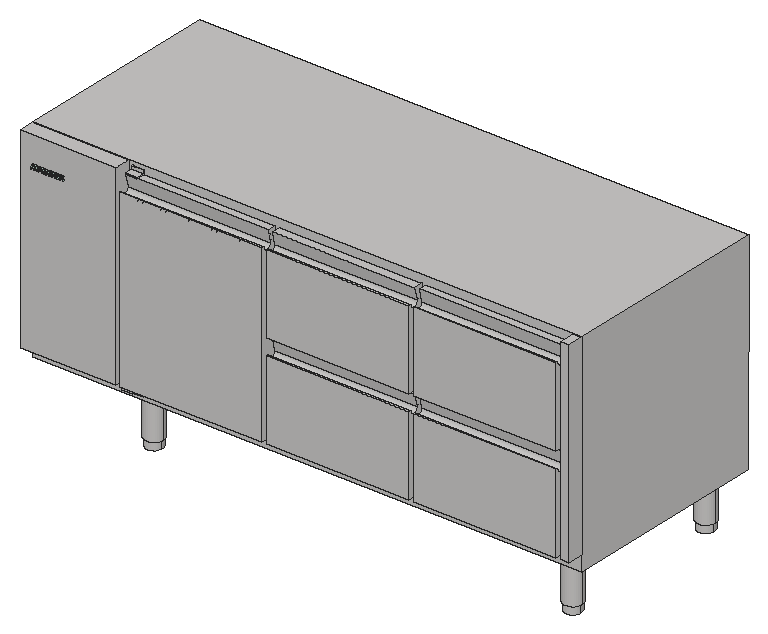
Revit family "QF_ALPENINOX_721141_AA3R7ABB", category Attrezzature speciali, Revit 2018
Family settings
  Quota connettore circolare = Usa diametro
  Tipo di parte = Normale
  Basato su piano di lavoro = No
  Sempre verticale = Sì
  Taglio con vuoti quando caricato = No
  Condiviso = No
  Punto di calcolo locali = No
Parameters (values of type "Standard")
  Weight = 114.00 kg
  Watts = 220 W
  Volts = 220 V
  URL Manufacturer = "http://www.alpeninox.com"
  URL = "http://www.alpeninox.com"
  Steam Supply Size = 0 mm
  Steam Supply Minimum Pressure = 0.0 Pa
  Steam Supply Maximum Pressure = 0.0 Pa
  Steam Consumption per Hour = 0
  Refrigeration Suction Line Size = 0 mm
  Refrigeration Liquid Line Size = 0 mm
  Refrigerant Compressor Remote = yes
  Produttore = "Alpeninox"
  Phase = 1
  Modello = "AA3R7ABB"
  Length Actual = 1695 mm  # constant formula
  Item Number = "721141"
  Hot Water Size = 0 mm
  Height Actual = 800 mm  # constant formula
  HP = "0.3 HP"
  Gas Size = 0 mm
  Gas KW = 0
  Gas Input Pressure = 0 W
  Direct Waste Size = 0 mm
  Descrizione = "1-DOOR AND 4X1/2-DRAWER REFRIGERATED COUNTER, -2+10°C, FULL AISI 304 (R290), WITHOUT WORK TOP"
  Depth Actual = 700 mm  # constant formula
  Cycle = 50 Hz
  Condensate Return Size = 0 mm
  Compressed Air Volume = 0.0 L/s
  Compressed Air Size = 0 mm
  Compressed Air Pressure = 0.0 Pa
  Cold Water Size = 0 mm
  Accessory = yes
Values of the unnamed type that differ from the named types
  Weight = 0.00 kg
  Watts = 0 W
  Volts = 0 V
  URL Manufacturer = ""
  Item Number = ""
  HP = ""
  Cycle = 0 Hz
Reference planes
  plane 1: z = 0
  plane 2 "Center (Left/Right)": x = -126.5
  plane 3 "Center (Front/Back)": y = 64.5
  plane 4 "FEET": z = 150
  plane 5 "TOP": z = 850
  plane 6 "PLAIN": z = 800
  plane 7 "EI_back": y = 103
  plane 8 "EI_left": x = -913
  plane 9 "BACK": y = 412
  plane 10 "FRONT": y = -283
  plane 11 "DOOR": y = -233
  plane 12 "LEFT": x = -974
  plane 13 "RIGHT": x = 721
  plane 14: x = -949
  plane 15: x = 696
Forms (mm)
  Extrusion 1, solid, material "QF_Finishes_Stainless Steel"
    sketch origin (-1022.223, -1524, 150) x (-1, 0, 0) y (0, -1, 0)
      loop
        circle (-109.223, -1627) r 5
    from 0 to -40
  Extrusion 2, solid, material "QF_Finishes_Stainless Steel"
    sketch origin (-1022.223, -1524, 150) x (-1, 0, 0) y (0, -1, 0)
      loop
        line (-1718.223, -1291) -> (-1718.223, -1241) -> (-1743.223, -1241) -> (-1743.223, -1291) -> (-1718.223, -1291)
    from 48 to 650
  Extrusion 3, solid, material "QF_Finishes_Stainless Steel"
    sketch origin (-1022.223, -1524, 150) x (-1, 0, 0) y (0, -1, 0)
      loop
        line (-48.223, -1936) -> (-48.223, -1291) -> (-1743.223, -1291) -> (-1743.223, -1936) -> (-48.223, -1936)
    from 0 to 650
Lines and regions (mm)
  symbolic lines, style "SpecialityEquipmentHiddenLines"
    curve 1: line (-974, 412, 150) -> (721, 412, 150)
    curve 2: line (-974, -283, 150) -> (-974, 412, 150)
    curve 3: line (721, -283, 150) -> (-974, -283, 150)
    curve 4: line (721, 412, 150) -> (721, -283, 150)
    curve 5: line (-974, -233, 150) -> (721, -233, 150)
    curve 6: line (696, -283, 150) -> (696, -233, 150)
Dimensions and locks
  plane 4 "FEET" to level = 150 mm
  plane 11 "DOOR" to plane 10 "FRONT" = 50 mm
  plane 6 "PLAIN" to plane 4 "FEET" = 650 mm
  plane 5 "TOP" to plane 6 "PLAIN" = 50 mm
  plane 12 "LEFT" to plane 14 = 25 mm
  plane 15 to plane 13 "RIGHT" = 25 mm
  plane 9 "BACK" to plane 7 "EI_back" = 309 mm
  plane 12 "LEFT" to plane 8 "EI_left" = 61 mm
  plane 12 "LEFT" to plane 13 "RIGHT" = 1695 mm
  equal spacing: plane 12 "LEFT", plane 2 "Center (Left/Right)", plane 13 "RIGHT"
  plane 9 "BACK" to plane 10 "FRONT" = 695 mm
  equal spacing: plane 9 "BACK", plane 3 "Center (Front/Back)", plane 10 "FRONT"
  aligned and locked: level to plane 1
Automatic sketch dimensions
  Extrusion 1 sketch curve to plane 7 "EI_back" = 0 mm
  Extrusion 1 sketch curve to plane 8 "EI_left" = 0 mm
  Extrusion 2 sketch curve to plane 11 "DOOR" = 0 mm
  Extrusion 2 sketch curve to plane 13 "RIGHT" = 0 mm
  Extrusion 2 sketch curve to plane 10 "FRONT" = 0 mm
  Extrusion 2 sketch curve to plane 15 = 0 mm
  Extrusion 3 sketch curve to plane 9 "BACK" = 0 mm
  Extrusion 3 sketch curve to plane 13 "RIGHT" = 0 mm
  Extrusion 3 sketch curve to plane 11 "DOOR" = 0 mm
  Extrusion 3 sketch curve to plane 12 "LEFT" = 0 mm
  curve 1 to plane 13 "RIGHT" = 0 mm
  curve 6 to plane 10 "FRONT" = 0 mm
  curve 6 to plane 15 = 0 mm
  curve 5 to plane 12 "LEFT" = 0 mm
  curve 6 to plane 11 "DOOR" = 0 mm
  curve 1 to plane 9 "BACK" = 0 mm
  radius of Extrusion 1 sketch curve = 5 mm
Nested families
  nested 1: "HP_Refrigerator" at (721, -283, 0), type "HP_Refrigerator"
  nested 2: "HP_FEET" at (-640, 331, 0), type "HP_FEET"
  nested 3: "HP_FEET" at (655, 331, 0), type "HP_FEET"
  nested 4: "HP_FEET" at (-640, -183, 0), type "HP_FEET"
  nested 5: "HP_FEET" at (655, -183, 0), type "HP_FEET"
  nested 6: "HP_APX_BI_TN_L" at (-767.08, -233, 548) x (1, 0, 0) z (0, -1, 0), type "HP_APX_BI_TN_L"
    with Show Logo yes
  nested 7: "HP_APX_SD_L" at (-446, -233, 458.88) x (1, 0, 0) z (0, -1, 0), type "HP_APX_SD_L"
    with Show Clearance yes
  nested 8: "HP_APX_HALF" at (8, -233, 458.08) x (1, 0, 0) z (0, -1, 0), type "HP_APX_HALF"
    with Show Clearance yes
  nested 9: "HP_APX_HALF" at (462, -233, 458.08) x (1, 0, 0) z (0, -1, 0), type "HP_APX_HALF"
    with Show Clearance yes
Connectors
  electrical at (-913, 103, 110), driven by "Volts"
    settings: on Extrusion 1, index 1, voltage 220 V, apparent load 0 VA, apparent load phase1 0 VA, apparent load phase2 0 VA, apparent load phase3 0 VA, power factor 1, load classification "Other", number of poles 1, system type 31, power factor state 1, is connector primary yes, connector utility no, sub classification motor no, connector description "Electrical Connection"
Definition of nested family "HP_FEET"
  Parameters
    FEET = 150 mm
  Reference planes
    plane 1 "Center (Front/Back)": y = 0
    plane 2: z = 0
    plane 3 "Center (Left/Right)": x = 0
    plane 4: z = 150
  Forms (mm)
    Revolve 1, solid
      sketch origin (255.05, 0, 608.09) x (0, 0, 1) y (-1, 0, 0)
        loop
          line (-608.09, 255.05) -> (-608.09, 230.05) -> (-583.09, 230.05) -> (-583.09, 226.05) -> (-458.09, 226.05) -> (-458.09, 255.05) -> (-608.09, 255.05)
        axis (-608.09, 255.05) -> (-458.09, 255.05)
      angle from 0 to 360
  Dimensions and locks
    locked: Revolve 1 sketch curve to Revolve 1 sketch curve at 125
    "FEET": plane 4 to plane 2
    aligned and locked: level to plane 2
    aligned and locked: plane 4 to Revolve 1 sketch curve
    aligned and locked: Revolve 1 sketch curve to level
    aligned and locked: plane 3 "Center (Left/Right)" to Revolve 1 sketch curve
  Automatic sketch dimensions
    Revolve 1 sketch curve to plane 3 "Center (Left/Right)" = 0 mm
    Revolve 1 sketch curve to Revolve 1 sketch curve = 25 mm
    Revolve 1 sketch curve to Revolve 1 sketch curve = 29 mm
    plane 4 to Revolve 1 sketch curve = 50 mm
    Revolve 1 sketch curve to Revolve 1 sketch curve = 20 mm
Definition of nested family "HP_APX_BI_TN_L"
  Parameters
    Show Logo [instance] = yes
    Default Elevation = 1219.2 mm
  Reference planes
    plane 1 "Center (Front/Back)": y = -49
    plane 2: z = 0
    plane 3 "Center (Left/Right)": x = -59.92
    plane 4: x = -206.92
    plane 5: x = 87.08
    plane 6: y = 252
    plane 7: y = -350
  Forms (mm)
    Extrusion 1, solid
      sketch origin (0, 0, 0) x (1, 0, 0) y (0, 1, 0)
        loop
          line (-1219.2, 1219.2) -> (-1219.2, -1219.2) -> (1219.2, -1219.2) -> (1219.2, 1219.2) -> (-1219.2, 1219.2)
      from 0 to -304.8
    Extrusion 2, solid
      sketch origin (0, 0, 0) x (1, 0, 0) y (0, 1, 0)
        loop
          line (-206.92, 252) -> (-206.92, -350) -> (87.08, -350) -> (87.08, 252) -> (-206.92, 252)
      from 0 to 50
    Extrusion 3, solid
      sketch origin (0, 0, 0) x (1, 0, 0) y (0, 1, 0)
        loop
          line (-168.675, 170.349) -> (-172.411, 160.318)
          arc (-172.411, 160.318) -> (-171.624, 158.497) -> (-169.837, 159.36) r 1.374
          line (-169.837, 159.36) -> (-169.268, 161.111) -> (-164.1, 161.111) -> (-163.54, 159.379)
          arc (-163.54, 159.379) -> (-161.802, 158.542) -> (-161.049, 160.318) r 1.333
          line (-161.049, 160.318) -> (-164.694, 170.349)
          arc (-164.694, 170.349) -> (-166.685, 171.876) -> (-168.675, 170.349) r 2.06
        loop
          line (-166.681, 169.055) -> (-168.469, 163.655) -> (-164.935, 163.655) -> (-166.681, 169.055)
        loop
          arc (-159.705, 160.042) -> (-159.262, 158.973) -> (-158.194, 158.531) r 1.512
          line (-158.194, 158.531) -> (-153.608, 158.531)
          arc (-153.608, 158.531) -> (-152.337, 159.802) -> (-153.608, 161.074) r 1.272
          line (-153.608, 161.074) -> (-156.917, 161.074) -> (-156.917, 170.328)
          arc (-156.917, 170.328) -> (-158.311, 171.722) -> (-159.705, 170.328) r 1.394
          line (-159.705, 170.328) -> (-159.705, 160.042)
        loop
          line (-151.076, 170.218) -> (-151.076, 159.859)
          arc (-151.076, 159.859) -> (-149.683, 158.466) -> (-148.29, 159.859) r 1.393
          line (-148.29, 159.859) -> (-148.29, 162.882) -> (-146.225, 162.882)
          arc (-146.225, 162.882) -> (-142.999, 163.859) -> (-141.608, 166.928) r 4.082
          arc (-141.608, 166.928) -> (-142.993, 170.272) -> (-146.336, 171.657) r 4.728
          line (-146.336, 171.657) -> (-149.638, 171.657)
          arc (-149.638, 171.657) -> (-150.655, 171.235) -> (-151.076, 170.218) r 1.439
        loop
          line (-148.29, 165.313) -> (-146.388, 165.313)
          arc (-146.388, 165.313) -> (-144.433, 167.268) -> (-146.388, 169.222) r 1.955
          line (-146.388, 169.222) -> (-148.29, 169.222) -> (-148.29, 165.313)
        loop
          arc (-131.184, 166.332) -> (-132.004, 168.2) -> (-133.767, 169.228) r 3.3
          arc (-133.767, 169.228) -> (-136.353, 168.661) -> (-137.611, 166.332) r 3.176
          line (-137.611, 166.332) -> (-131.184, 166.332)
        loop
          line (-137.538, 163.743) -> (-130.544, 163.743)
          arc (-130.544, 163.743) -> (-129.292, 163.916) -> (-128.301, 164.701) r 2.4
          arc (-128.301, 164.701) -> (-128.155, 165.545) -> (-128.212, 166.399) r 3.635
          arc (-128.212, 166.399) -> (-130.364, 170.162) -> (-134.39, 171.769) r 6.579
          arc (-134.39, 171.769) -> (-138.918, 169.706) -> (-140.661, 165.044) r 6.501
          arc (-140.661, 165.044) -> (-139.276, 160.789) -> (-135.401, 158.549) r 6.252
          arc (-135.401, 158.549) -> (-132.922, 158.526) -> (-130.544, 159.232) r 8.361
          arc (-130.544, 159.232) -> (-129.466, 159.781) -> (-128.641, 160.666) r 3.486
          arc (-128.641, 160.666) -> (-128.419, 161.592) -> (-128.828, 162.451) r 1.425
          arc (-128.828, 162.451) -> (-129.368, 162.762) -> (-129.99, 162.762) r 1.203
          arc (-129.99, 162.762) -> (-130.406, 162.59) -> (-130.764, 162.316) r 1.724
          arc (-130.764, 162.316) -> (-131.666, 161.705) -> (-132.646, 161.229) r 7.6
          arc (-132.646, 161.229) -> (-135.676, 161.35) -> (-137.538, 163.743) r 3.6
        loop
          line (-126.669, 170.328) -> (-126.669, 159.859)
          arc (-126.669, 159.859) -> (-125.273, 158.463) -> (-123.878, 159.859) r 1.396
          line (-123.878, 159.859) -> (-123.878, 166.785) -> (-117.946, 159.029)
          arc (-117.946, 159.029) -> (-116.361, 158.51) -> (-115.379, 159.859) r 1.417
          line (-115.379, 159.859) -> (-115.379, 170.328)
          arc (-115.379, 170.328) -> (-116.774, 171.723) -> (-118.169, 170.328) r 1.395
          line (-118.169, 170.328) -> (-118.169, 163.311) -> (-124.101, 171.157)
          arc (-124.101, 171.157) -> (-125.687, 171.678) -> (-126.669, 170.328) r 1.418
        loop
          arc (-113.636, 159.859) -> (-112.241, 158.464) -> (-110.847, 159.859) r 1.394
          line (-110.847, 159.859) -> (-110.847, 170.328)
          arc (-110.847, 170.328) -> (-112.241, 171.723) -> (-113.636, 170.328) r 1.394
          line (-113.636, 170.328) -> (-113.636, 159.859)
        loop
          line (-109.102, 170.328) -> (-109.102, 159.859)
          arc (-109.102, 159.859) -> (-107.706, 158.463) -> (-106.31, 159.859) r 1.396
          line (-106.31, 159.859) -> (-106.31, 166.785) -> (-100.378, 159.029)
          arc (-100.378, 159.029) -> (-98.793, 158.51) -> (-97.812, 159.859) r 1.417
          line (-97.812, 159.859) -> (-97.812, 170.328)
          arc (-97.812, 170.328) -> (-99.207, 171.723) -> (-100.602, 170.328) r 1.395
          line (-100.602, 170.328) -> (-100.602, 163.311) -> (-106.533, 171.157)
          arc (-106.533, 171.157) -> (-108.119, 171.678) -> (-109.102, 170.328) r 1.418
        loop
          arc (-96.345, 165.093) -> (-95.619, 161.877) -> (-93.467, 159.379) r 6.806
          arc (-93.467, 159.379) -> (-91.792, 158.566) -> (-89.948, 158.31) r 5.956
          arc (-89.948, 158.31) -> (-88.104, 158.566) -> (-86.43, 159.379) r 5.956
          arc (-86.43, 159.379) -> (-84.277, 161.877) -> (-83.551, 165.093) r 6.806
          arc (-83.551, 165.093) -> (-84.277, 168.31) -> (-86.43, 170.808) r 6.806
          arc (-86.43, 170.808) -> (-88.104, 171.621) -> (-89.948, 171.877) r 5.956
          arc (-89.948, 171.877) -> (-91.792, 171.621) -> (-93.467, 170.808) r 5.956
          arc (-93.467, 170.808) -> (-95.619, 168.31) -> (-96.345, 165.093) r 6.806
        loop
          arc (-93.425, 165.093) -> (-93.138, 163.212) -> (-92.081, 161.629) r 4.387
          arc (-92.081, 161.629) -> (-91.087, 161.049) -> (-89.948, 160.881) r 3.035
          arc (-89.948, 160.881) -> (-88.809, 161.049) -> (-87.815, 161.629) r 3.035
          arc (-87.815, 161.629) -> (-86.759, 163.212) -> (-86.472, 165.093) r 4.387
          arc (-86.472, 165.093) -> (-86.759, 166.975) -> (-87.815, 168.558) r 4.387
          arc (-87.815, 168.558) -> (-88.809, 169.138) -> (-89.948, 169.306) r 3.035
          arc (-89.948, 169.306) -> (-91.087, 169.138) -> (-92.081, 168.558) r 3.035
          arc (-92.081, 168.558) -> (-93.138, 166.975) -> (-93.425, 165.093) r 4.387
        loop
          line (-83.139, 169.609) -> (-80.126, 165.552) -> (-83.81, 160.652)
          arc (-83.81, 160.652) -> (-83.512, 158.692) -> (-81.559, 159.029) r 1.388
          line (-81.559, 159.029) -> (-78.51, 163.232) -> (-75.461, 159.029)
          arc (-75.461, 159.029) -> (-73.507, 158.692) -> (-73.21, 160.652) r 1.388
          line (-73.21, 160.652) -> (-76.894, 165.552) -> (-73.881, 169.609)
          arc (-73.881, 169.609) -> (-74.249, 171.597) -> (-76.205, 171.084) r 1.38
          line (-76.205, 171.084) -> (-78.51, 167.841) -> (-80.815, 171.084)
          arc (-80.815, 171.084) -> (-82.771, 171.597) -> (-83.139, 169.609) r 1.38
      from 50 to 51.6
    Extrusion 4, solid, not visible
      sketch origin (0, 0, 0) x (1, 0, 0) y (0, 1, 0)
        loop
          line (-206.92, 252) -> (-206.92, -400) -> (87.08, -400) -> (87.08, 252) -> (-206.92, 252)
      from 0 to 50
  Lines and regions (mm)
    Split face 1
      outline origin (0, 0, 50) x (1, 0, 0) y (0, 1, 0)
        loop
          line (87.08, 183) -> (-172.92, 183)
          arc (-172.92, 183) -> (-190.42, 165.5) -> (-172.92, 148) r 17.5
          line (-172.92, 148) -> (87.08, 148)
    Split face 2
      outline origin (-38, 0, 50) x (1, 0, 0) y (0, 1, 0)
        loop
          line (-5.42, 177) -> (-5.42, 154) -> (64.58, 154) -> (64.58, 177) -> (-5.42, 177)
    Split face 3
      outline origin (-38, 0, 50) x (1, 0, 0) y (0, 1, 0)
        loop
          line (44.58, 174) -> (44.58, 157) -> (61.58, 157) -> (61.58, 174) -> (44.58, 174)
    Split face 4
      outline origin (0, 0, 50) x (1, 0, 0) y (0, 1, 0)
        loop
          line (-206.92, 188) -> (87.08, 188)
    Split face 5
      outline origin (0, 0, 50) x (1, 0, 0) y (0, 1, 0)
        loop
          arc (-163.464, 131.824) -> (-167.464, 127.824) -> (-163.464, 123.824) r 4
          line (-163.464, 123.824) -> (-121.464, 123.824)
          arc (-121.464, 123.824) -> (-117.464, 127.824) -> (-121.464, 131.824) r 4
          line (-121.464, 131.824) -> (-163.464, 131.824)
    Split face 6
      outline origin (330, 0, 50) x (1, 0, 0) y (0, 1, 0)
        loop
          arc (-328.464, 131.824) -> (-332.464, 127.824) -> (-328.464, 123.824) r 4
          line (-328.464, 123.824) -> (-286.464, 123.824)
          arc (-286.464, 123.824) -> (-282.464, 127.824) -> (-286.464, 131.824) r 4
          line (-286.464, 131.824) -> (-328.464, 131.824)
    Split face 7
      outline origin (110, 0, 50) x (1, 0, 0) y (0, 1, 0)
        loop
          arc (-218.464, 131.824) -> (-222.464, 127.824) -> (-218.464, 123.824) r 4
          line (-218.464, 123.824) -> (-176.464, 123.824)
          arc (-176.464, 123.824) -> (-172.464, 127.824) -> (-176.464, 131.824) r 4
          line (-176.464, 131.824) -> (-218.464, 131.824)
    Split face 8
      outline origin (220, 0, 50) x (1, 0, 0) y (0, 1, 0)
        loop
          arc (-273.464, 131.824) -> (-277.464, 127.824) -> (-273.464, 123.824) r 4
          line (-273.464, 123.824) -> (-231.464, 123.824)
          arc (-231.464, 123.824) -> (-227.464, 127.824) -> (-231.464, 131.824) r 4
          line (-231.464, 131.824) -> (-273.464, 131.824)
    Split face 9, not visible
      outline origin (0, 0, 50) x (1, 0, 0) y (0, 1, 0)
        loop
          arc (-163.464, 131.824) -> (-167.464, 127.824) -> (-163.464, 123.824) r 4
          line (-163.464, 123.824) -> (-121.464, 123.824)
          arc (-121.464, 123.824) -> (-117.464, 127.824) -> (-121.464, 131.824) r 4
          line (-121.464, 131.824) -> (-163.464, 131.824)
    Split face 10
      outline origin (0, -24, 50) x (1, 0, 0) y (0, 1, 0)
        loop
          arc (-163.464, 143.824) -> (-167.464, 139.824) -> (-163.464, 135.824) r 4
          line (-163.464, 135.824) -> (-121.464, 135.824)
          arc (-121.464, 135.824) -> (-117.464, 139.824) -> (-121.464, 143.824) r 4
          line (-121.464, 143.824) -> (-163.464, 143.824)
    Split face 11
      outline origin (330, -24, 50) x (1, 0, 0) y (0, 1, 0)
        loop
          arc (-328.464, 143.824) -> (-332.464, 139.824) -> (-328.464, 135.824) r 4
          line (-328.464, 135.824) -> (-286.464, 135.824)
          arc (-286.464, 135.824) -> (-282.464, 139.824) -> (-286.464, 143.824) r 4
          line (-286.464, 143.824) -> (-328.464, 143.824)
    Split face 12
      outline origin (110, -24, 50) x (1, 0, 0) y (0, 1, 0)
        loop
          arc (-218.464, 143.824) -> (-222.464, 139.824) -> (-218.464, 135.824) r 4
          line (-218.464, 135.824) -> (-176.464, 135.824)
          arc (-176.464, 135.824) -> (-172.464, 139.824) -> (-176.464, 143.824) r 4
          line (-176.464, 143.824) -> (-218.464, 143.824)
    Split face 13
      outline origin (220, -24, 50) x (1, 0, 0) y (0, 1, 0)
        loop
          arc (-273.464, 143.824) -> (-277.464, 139.824) -> (-273.464, 135.824) r 4
          line (-273.464, 135.824) -> (-231.464, 135.824)
          arc (-231.464, 135.824) -> (-227.464, 139.824) -> (-231.464, 143.824) r 4
          line (-231.464, 143.824) -> (-273.464, 143.824)
    Split face 14
      outline origin (0, -48, 50) x (1, 0, 0) y (0, 1, 0)
        loop
          arc (-163.464, 155.824) -> (-167.464, 151.824) -> (-163.464, 147.824) r 4
          line (-163.464, 147.824) -> (-121.464, 147.824)
          arc (-121.464, 147.824) -> (-117.464, 151.824) -> (-121.464, 155.824) r 4
          line (-121.464, 155.824) -> (-163.464, 155.824)
    Split face 15
      outline origin (330, -48, 50) x (1, 0, 0) y (0, 1, 0)
        loop
          arc (-328.464, 155.824) -> (-332.464, 151.824) -> (-328.464, 147.824) r 4
          line (-328.464, 147.824) -> (-286.464, 147.824)
          arc (-286.464, 147.824) -> (-282.464, 151.824) -> (-286.464, 155.824) r 4
          line (-286.464, 155.824) -> (-328.464, 155.824)
    Split face 16
      outline origin (110, -48, 50) x (1, 0, 0) y (0, 1, 0)
        loop
          arc (-218.464, 155.824) -> (-222.464, 151.824) -> (-218.464, 147.824) r 4
          line (-218.464, 147.824) -> (-176.464, 147.824)
          arc (-176.464, 147.824) -> (-172.464, 151.824) -> (-176.464, 155.824) r 4
          line (-176.464, 155.824) -> (-218.464, 155.824)
    Split face 17
      outline origin (220, -48, 50) x (1, 0, 0) y (0, 1, 0)
        loop
          arc (-273.464, 155.824) -> (-277.464, 151.824) -> (-273.464, 147.824) r 4
          line (-273.464, 147.824) -> (-231.464, 147.824)
          arc (-231.464, 147.824) -> (-227.464, 151.824) -> (-231.464, 155.824) r 4
          line (-231.464, 155.824) -> (-273.464, 155.824)
    Split face 18
      outline origin (0, -72, 50) x (1, 0, 0) y (0, 1, 0)
        loop
          arc (-163.464, 167.824) -> (-167.464, 163.824) -> (-163.464, 159.824) r 4
          line (-163.464, 159.824) -> (-121.464, 159.824)
          arc (-121.464, 159.824) -> (-117.464, 163.824) -> (-121.464, 167.824) r 4
          line (-121.464, 167.824) -> (-163.464, 167.824)
    Split face 19
      outline origin (330, -72, 50) x (1, 0, 0) y (0, 1, 0)
        loop
          arc (-328.464, 167.824) -> (-332.464, 163.824) -> (-328.464, 159.824) r 4
          line (-328.464, 159.824) -> (-286.464, 159.824)
          arc (-286.464, 159.824) -> (-282.464, 163.824) -> (-286.464, 167.824) r 4
          line (-286.464, 167.824) -> (-328.464, 167.824)
    Split face 20
      outline origin (110, -72, 50) x (1, 0, 0) y (0, 1, 0)
        loop
          arc (-218.464, 167.824) -> (-222.464, 163.824) -> (-218.464, 159.824) r 4
          line (-218.464, 159.824) -> (-176.464, 159.824)
          arc (-176.464, 159.824) -> (-172.464, 163.824) -> (-176.464, 167.824) r 4
          line (-176.464, 167.824) -> (-218.464, 167.824)
    Split face 21
      outline origin (220, -72, 50) x (1, 0, 0) y (0, 1, 0)
        loop
          arc (-273.464, 167.824) -> (-277.464, 163.824) -> (-273.464, 159.824) r 4
          line (-273.464, 159.824) -> (-231.464, 159.824)
          arc (-231.464, 159.824) -> (-227.464, 163.824) -> (-231.464, 167.824) r 4
          line (-231.464, 167.824) -> (-273.464, 167.824)
    Split face 22
      outline origin (0, -96, 50) x (1, 0, 0) y (0, 1, 0)
        loop
          arc (-163.464, 179.824) -> (-167.464, 175.824) -> (-163.464, 171.824) r 4
          line (-163.464, 171.824) -> (-121.464, 171.824)
          arc (-121.464, 171.824) -> (-117.464, 175.824) -> (-121.464, 179.824) r 4
          line (-121.464, 179.824) -> (-163.464, 179.824)
    Split face 23
      outline origin (330, -96, 50) x (1, 0, 0) y (0, 1, 0)
        loop
          arc (-328.464, 179.824) -> (-332.464, 175.824) -> (-328.464, 171.824) r 4
          line (-328.464, 171.824) -> (-286.464, 171.824)
          arc (-286.464, 171.824) -> (-282.464, 175.824) -> (-286.464, 179.824) r 4
          line (-286.464, 179.824) -> (-328.464, 179.824)
    Split face 24
      outline origin (110, -96, 50) x (1, 0, 0) y (0, 1, 0)
        loop
          arc (-218.464, 179.824) -> (-222.464, 175.824) -> (-218.464, 171.824) r 4
          line (-218.464, 171.824) -> (-176.464, 171.824)
          arc (-176.464, 171.824) -> (-172.464, 175.824) -> (-176.464, 179.824) r 4
          line (-176.464, 179.824) -> (-218.464, 179.824)
    Split face 25
      outline origin (220, -96, 50) x (1, 0, 0) y (0, 1, 0)
        loop
          arc (-273.464, 179.824) -> (-277.464, 175.824) -> (-273.464, 171.824) r 4
          line (-273.464, 171.824) -> (-231.464, 171.824)
          arc (-231.464, 171.824) -> (-227.464, 175.824) -> (-231.464, 179.824) r 4
          line (-231.464, 179.824) -> (-273.464, 179.824)
    Split face 26
      outline origin (0, -120, 50) x (1, 0, 0) y (0, 1, 0)
        loop
          arc (-163.464, 191.824) -> (-167.464, 187.824) -> (-163.464, 183.824) r 4
          line (-163.464, 183.824) -> (-121.464, 183.824)
          arc (-121.464, 183.824) -> (-117.464, 187.824) -> (-121.464, 191.824) r 4
          line (-121.464, 191.824) -> (-163.464, 191.824)
    Split face 27
      outline origin (330, -120, 50) x (1, 0, 0) y (0, 1, 0)
        loop
          arc (-328.464, 191.824) -> (-332.464, 187.824) -> (-328.464, 183.824) r 4
          line (-328.464, 183.824) -> (-286.464, 183.824)
          arc (-286.464, 183.824) -> (-282.464, 187.824) -> (-286.464, 191.824) r 4
          line (-286.464, 191.824) -> (-328.464, 191.824)
    Split face 28
      outline origin (110, -120, 50) x (1, 0, 0) y (0, 1, 0)
        loop
          arc (-218.464, 191.824) -> (-222.464, 187.824) -> (-218.464, 183.824) r 4
          line (-218.464, 183.824) -> (-176.464, 183.824)
          arc (-176.464, 183.824) -> (-172.464, 187.824) -> (-176.464, 191.824) r 4
          line (-176.464, 191.824) -> (-218.464, 191.824)
    Split face 29
      outline origin (220, -120, 50) x (1, 0, 0) y (0, 1, 0)
        loop
          arc (-273.464, 191.824) -> (-277.464, 187.824) -> (-273.464, 183.824) r 4
          line (-273.464, 183.824) -> (-231.464, 183.824)
          arc (-231.464, 183.824) -> (-227.464, 187.824) -> (-231.464, 191.824) r 4
          line (-231.464, 191.824) -> (-273.464, 191.824)
    Split face 30
      outline origin (0, -144, 50) x (1, 0, 0) y (0, 1, 0)
        loop
          arc (-163.464, 203.824) -> (-167.464, 199.824) -> (-163.464, 195.824) r 4
          line (-163.464, 195.824) -> (-121.464, 195.824)
          arc (-121.464, 195.824) -> (-117.464, 199.824) -> (-121.464, 203.824) r 4
          line (-121.464, 203.824) -> (-163.464, 203.824)
    Split face 31
      outline origin (330, -144, 50) x (1, 0, 0) y (0, 1, 0)
        loop
          arc (-328.464, 203.824) -> (-332.464, 199.824) -> (-328.464, 195.824) r 4
          line (-328.464, 195.824) -> (-286.464, 195.824)
          arc (-286.464, 195.824) -> (-282.464, 199.824) -> (-286.464, 203.824) r 4
          line (-286.464, 203.824) -> (-328.464, 203.824)
    Split face 32
      outline origin (110, -144, 50) x (1, 0, 0) y (0, 1, 0)
        loop
          arc (-218.464, 203.824) -> (-222.464, 199.824) -> (-218.464, 195.824) r 4
          line (-218.464, 195.824) -> (-176.464, 195.824)
          arc (-176.464, 195.824) -> (-172.464, 199.824) -> (-176.464, 203.824) r 4
          line (-176.464, 203.824) -> (-218.464, 203.824)
    Split face 33
      outline origin (220, -144, 50) x (1, 0, 0) y (0, 1, 0)
        loop
          arc (-273.464, 203.824) -> (-277.464, 199.824) -> (-273.464, 195.824) r 4
          line (-273.464, 195.824) -> (-231.464, 195.824)
          arc (-231.464, 195.824) -> (-227.464, 199.824) -> (-231.464, 203.824) r 4
          line (-231.464, 203.824) -> (-273.464, 203.824)
    Split face 34
      outline origin (0, -168, 50) x (1, 0, 0) y (0, 1, 0)
        loop
          arc (-163.464, 215.824) -> (-167.464, 211.824) -> (-163.464, 207.824) r 4
          line (-163.464, 207.824) -> (-121.464, 207.824)
          arc (-121.464, 207.824) -> (-117.464, 211.824) -> (-121.464, 215.824) r 4
          line (-121.464, 215.824) -> (-163.464, 215.824)
    Split face 35
      outline origin (330, -168, 50) x (1, 0, 0) y (0, 1, 0)
        loop
          arc (-328.464, 215.824) -> (-332.464, 211.824) -> (-328.464, 207.824) r 4
          line (-328.464, 207.824) -> (-286.464, 207.824)
          arc (-286.464, 207.824) -> (-282.464, 211.824) -> (-286.464, 215.824) r 4
          line (-286.464, 215.824) -> (-328.464, 215.824)
    Split face 36
      outline origin (110, -168, 50) x (1, 0, 0) y (0, 1, 0)
        loop
          arc (-218.464, 215.824) -> (-222.464, 211.824) -> (-218.464, 207.824) r 4
          line (-218.464, 207.824) -> (-176.464, 207.824)
          arc (-176.464, 207.824) -> (-172.464, 211.824) -> (-176.464, 215.824) r 4
          line (-176.464, 215.824) -> (-218.464, 215.824)
    Split face 37
      outline origin (220, -168, 50) x (1, 0, 0) y (0, 1, 0)
        loop
          arc (-273.464, 215.824) -> (-277.464, 211.824) -> (-273.464, 207.824) r 4
          line (-273.464, 207.824) -> (-231.464, 207.824)
          arc (-231.464, 207.824) -> (-227.464, 211.824) -> (-231.464, 215.824) r 4
          line (-231.464, 215.824) -> (-273.464, 215.824)
    Split face 38
      outline origin (0, -192, 50) x (1, 0, 0) y (0, 1, 0)
        loop
          arc (-163.464, 227.824) -> (-167.464, 223.824) -> (-163.464, 219.824) r 4
          line (-163.464, 219.824) -> (-121.464, 219.824)
          arc (-121.464, 219.824) -> (-117.464, 223.824) -> (-121.464, 227.824) r 4
          line (-121.464, 227.824) -> (-163.464, 227.824)
    Split face 39
      outline origin (330, -192, 50) x (1, 0, 0) y (0, 1, 0)
        loop
          arc (-328.464, 227.824) -> (-332.464, 223.824) -> (-328.464, 219.824) r 4
          line (-328.464, 219.824) -> (-286.464, 219.824)
          arc (-286.464, 219.824) -> (-282.464, 223.824) -> (-286.464, 227.824) r 4
          line (-286.464, 227.824) -> (-328.464, 227.824)
    Split face 40
      outline origin (110, -192, 50) x (1, 0, 0) y (0, 1, 0)
        loop
          arc (-218.464, 227.824) -> (-222.464, 223.824) -> (-218.464, 219.824) r 4
          line (-218.464, 219.824) -> (-176.464, 219.824)
          arc (-176.464, 219.824) -> (-172.464, 223.824) -> (-176.464, 227.824) r 4
          line (-176.464, 227.824) -> (-218.464, 227.824)
    Split face 41
      outline origin (220, -192, 50) x (1, 0, 0) y (0, 1, 0)
        loop
          arc (-273.464, 227.824) -> (-277.464, 223.824) -> (-273.464, 219.824) r 4
          line (-273.464, 219.824) -> (-231.464, 219.824)
          arc (-231.464, 219.824) -> (-227.464, 223.824) -> (-231.464, 227.824) r 4
          line (-231.464, 227.824) -> (-273.464, 227.824)
    Split face 42
      outline origin (0, -216, 50) x (1, 0, 0) y (0, 1, 0)
        loop
          arc (-163.464, 239.824) -> (-167.464, 235.824) -> (-163.464, 231.824) r 4
          line (-163.464, 231.824) -> (-121.464, 231.824)
          arc (-121.464, 231.824) -> (-117.464, 235.824) -> (-121.464, 239.824) r 4
          line (-121.464, 239.824) -> (-163.464, 239.824)
    Split face 43
      outline origin (330, -216, 50) x (1, 0, 0) y (0, 1, 0)
        loop
          arc (-328.464, 239.824) -> (-332.464, 235.824) -> (-328.464, 231.824) r 4
          line (-328.464, 231.824) -> (-286.464, 231.824)
          arc (-286.464, 231.824) -> (-282.464, 235.824) -> (-286.464, 239.824) r 4
          line (-286.464, 239.824) -> (-328.464, 239.824)
    Split face 44
      outline origin (110, -216, 50) x (1, 0, 0) y (0, 1, 0)
        loop
          arc (-218.464, 239.824) -> (-222.464, 235.824) -> (-218.464, 231.824) r 4
          line (-218.464, 231.824) -> (-176.464, 231.824)
          arc (-176.464, 231.824) -> (-172.464, 235.824) -> (-176.464, 239.824) r 4
          line (-176.464, 239.824) -> (-218.464, 239.824)
    Split face 45
      outline origin (220, -216, 50) x (1, 0, 0) y (0, 1, 0)
        loop
          arc (-273.464, 239.824) -> (-277.464, 235.824) -> (-273.464, 231.824) r 4
          line (-273.464, 231.824) -> (-231.464, 231.824)
          arc (-231.464, 231.824) -> (-227.464, 235.824) -> (-231.464, 239.824) r 4
          line (-231.464, 239.824) -> (-273.464, 239.824)
    Split face 46
      outline origin (0, -240, 50) x (1, 0, 0) y (0, 1, 0)
        loop
          arc (-163.464, 251.824) -> (-167.464, 247.824) -> (-163.464, 243.824) r 4
          line (-163.464, 243.824) -> (-121.464, 243.824)
          arc (-121.464, 243.824) -> (-117.464, 247.824) -> (-121.464, 251.824) r 4
          line (-121.464, 251.824) -> (-163.464, 251.824)
    Split face 47
      outline origin (330, -240, 50) x (1, 0, 0) y (0, 1, 0)
        loop
          arc (-328.464, 251.824) -> (-332.464, 247.824) -> (-328.464, 243.824) r 4
          line (-328.464, 243.824) -> (-286.464, 243.824)
          arc (-286.464, 243.824) -> (-282.464, 247.824) -> (-286.464, 251.824) r 4
          line (-286.464, 251.824) -> (-328.464, 251.824)
    Split face 48
      outline origin (110, -240, 50) x (1, 0, 0) y (0, 1, 0)
        loop
          arc (-218.464, 251.824) -> (-222.464, 247.824) -> (-218.464, 243.824) r 4
          line (-218.464, 243.824) -> (-176.464, 243.824)
          arc (-176.464, 243.824) -> (-172.464, 247.824) -> (-176.464, 251.824) r 4
          line (-176.464, 251.824) -> (-218.464, 251.824)
    Split face 49
      outline origin (220, -240, 50) x (1, 0, 0) y (0, 1, 0)
        loop
          arc (-273.464, 251.824) -> (-277.464, 247.824) -> (-273.464, 243.824) r 4
          line (-273.464, 243.824) -> (-231.464, 243.824)
          arc (-231.464, 243.824) -> (-227.464, 247.824) -> (-231.464, 251.824) r 4
          line (-231.464, 251.824) -> (-273.464, 251.824)
    Split face 50
      outline origin (0, -264, 50) x (1, 0, 0) y (0, 1, 0)
        loop
          arc (-163.464, 263.824) -> (-167.464, 259.824) -> (-163.464, 255.824) r 4
          line (-163.464, 255.824) -> (-121.464, 255.824)
          arc (-121.464, 255.824) -> (-117.464, 259.824) -> (-121.464, 263.824) r 4
          line (-121.464, 263.824) -> (-163.464, 263.824)
    Split face 51
      outline origin (330, -264, 50) x (1, 0, 0) y (0, 1, 0)
        loop
          arc (-328.464, 263.824) -> (-332.464, 259.824) -> (-328.464, 255.824) r 4
          line (-328.464, 255.824) -> (-286.464, 255.824)
          arc (-286.464, 255.824) -> (-282.464, 259.824) -> (-286.464, 263.824) r 4
          line (-286.464, 263.824) -> (-328.464, 263.824)
    Split face 52
      outline origin (110, -264, 50) x (1, 0, 0) y (0, 1, 0)
        loop
          arc (-218.464, 263.824) -> (-222.464, 259.824) -> (-218.464, 255.824) r 4
          line (-218.464, 255.824) -> (-176.464, 255.824)
          arc (-176.464, 255.824) -> (-172.464, 259.824) -> (-176.464, 263.824) r 4
          line (-176.464, 263.824) -> (-218.464, 263.824)
    Split face 53
      outline origin (220, -264, 50) x (1, 0, 0) y (0, 1, 0)
        loop
          arc (-273.464, 263.824) -> (-277.464, 259.824) -> (-273.464, 255.824) r 4
          line (-273.464, 255.824) -> (-231.464, 255.824)
          arc (-231.464, 255.824) -> (-227.464, 259.824) -> (-231.464, 263.824) r 4
          line (-231.464, 263.824) -> (-273.464, 263.824)
    Split face 54
      outline origin (0, -288, 50) x (1, 0, 0) y (0, 1, 0)
        loop
          arc (-163.464, 275.824) -> (-167.464, 271.824) -> (-163.464, 267.824) r 4
          line (-163.464, 267.824) -> (-121.464, 267.824)
          arc (-121.464, 267.824) -> (-117.464, 271.824) -> (-121.464, 275.824) r 4
          line (-121.464, 275.824) -> (-163.464, 275.824)
    Split face 55
      outline origin (330, -288, 50) x (1, 0, 0) y (0, 1, 0)
        loop
          arc (-328.464, 275.824) -> (-332.464, 271.824) -> (-328.464, 267.824) r 4
          line (-328.464, 267.824) -> (-286.464, 267.824)
          arc (-286.464, 267.824) -> (-282.464, 271.824) -> (-286.464, 275.824) r 4
          line (-286.464, 275.824) -> (-328.464, 275.824)
    Split face 56
      outline origin (110, -288, 50) x (1, 0, 0) y (0, 1, 0)
        loop
          arc (-218.464, 275.824) -> (-222.464, 271.824) -> (-218.464, 267.824) r 4
          line (-218.464, 267.824) -> (-176.464, 267.824)
          arc (-176.464, 267.824) -> (-172.464, 271.824) -> (-176.464, 275.824) r 4
          line (-176.464, 275.824) -> (-218.464, 275.824)
    Split face 57
      outline origin (220, -288, 50) x (1, 0, 0) y (0, 1, 0)
        loop
          arc (-273.464, 275.824) -> (-277.464, 271.824) -> (-273.464, 267.824) r 4
          line (-273.464, 267.824) -> (-231.464, 267.824)
          arc (-231.464, 267.824) -> (-227.464, 271.824) -> (-231.464, 275.824) r 4
          line (-231.464, 275.824) -> (-273.464, 275.824)
    Split face 58
      outline origin (0, -312, 50) x (1, 0, 0) y (0, 1, 0)
        loop
          arc (-163.464, 287.824) -> (-167.464, 283.824) -> (-163.464, 279.824) r 4
          line (-163.464, 279.824) -> (-121.464, 279.824)
          arc (-121.464, 279.824) -> (-117.464, 283.824) -> (-121.464, 287.824) r 4
          line (-121.464, 287.824) -> (-163.464, 287.824)
    Split face 59
      outline origin (330, -312, 50) x (1, 0, 0) y (0, 1, 0)
        loop
          arc (-328.464, 287.824) -> (-332.464, 283.824) -> (-328.464, 279.824) r 4
          line (-328.464, 279.824) -> (-286.464, 279.824)
          arc (-286.464, 279.824) -> (-282.464, 283.824) -> (-286.464, 287.824) r 4
          line (-286.464, 287.824) -> (-328.464, 287.824)
    Split face 60
      outline origin (110, -312, 50) x (1, 0, 0) y (0, 1, 0)
        loop
          arc (-218.464, 287.824) -> (-222.464, 283.824) -> (-218.464, 279.824) r 4
          line (-218.464, 279.824) -> (-176.464, 279.824)
          arc (-176.464, 279.824) -> (-172.464, 283.824) -> (-176.464, 287.824) r 4
          line (-176.464, 287.824) -> (-218.464, 287.824)
    Split face 61
      outline origin (220, -312, 50) x (1, 0, 0) y (0, 1, 0)
        loop
          arc (-273.464, 287.824) -> (-277.464, 283.824) -> (-273.464, 279.824) r 4
          line (-273.464, 279.824) -> (-231.464, 279.824)
          arc (-231.464, 279.824) -> (-227.464, 283.824) -> (-231.464, 287.824) r 4
          line (-231.464, 287.824) -> (-273.464, 287.824)
    Split face 62
      outline origin (0, -336, 50) x (1, 0, 0) y (0, 1, 0)
        loop
          arc (-163.464, 299.824) -> (-167.464, 295.824) -> (-163.464, 291.824) r 4
          line (-163.464, 291.824) -> (-121.464, 291.824)
          arc (-121.464, 291.824) -> (-117.464, 295.824) -> (-121.464, 299.824) r 4
          line (-121.464, 299.824) -> (-163.464, 299.824)
    Split face 63
      outline origin (330, -336, 50) x (1, 0, 0) y (0, 1, 0)
        loop
          arc (-328.464, 299.824) -> (-332.464, 295.824) -> (-328.464, 291.824) r 4
          line (-328.464, 291.824) -> (-286.464, 291.824)
          arc (-286.464, 291.824) -> (-282.464, 295.824) -> (-286.464, 299.824) r 4
          line (-286.464, 299.824) -> (-328.464, 299.824)
    Split face 64
      outline origin (110, -336, 50) x (1, 0, 0) y (0, 1, 0)
        loop
          arc (-218.464, 299.824) -> (-222.464, 295.824) -> (-218.464, 291.824) r 4
          line (-218.464, 291.824) -> (-176.464, 291.824)
          arc (-176.464, 291.824) -> (-172.464, 295.824) -> (-176.464, 299.824) r 4
          line (-176.464, 299.824) -> (-218.464, 299.824)
    Split face 65
      outline origin (220, -336, 50) x (1, 0, 0) y (0, 1, 0)
        loop
          arc (-273.464, 299.824) -> (-277.464, 295.824) -> (-273.464, 291.824) r 4
          line (-273.464, 291.824) -> (-231.464, 291.824)
          arc (-231.464, 291.824) -> (-227.464, 295.824) -> (-231.464, 299.824) r 4
          line (-231.464, 299.824) -> (-273.464, 299.824)
    Split face 66
      outline origin (0, -360, 50) x (1, 0, 0) y (0, 1, 0)
        loop
          arc (-163.464, 311.824) -> (-167.464, 307.824) -> (-163.464, 303.824) r 4
          line (-163.464, 303.824) -> (-121.464, 303.824)
          arc (-121.464, 303.824) -> (-117.464, 307.824) -> (-121.464, 311.824) r 4
          line (-121.464, 311.824) -> (-163.464, 311.824)
    Split face 67
      outline origin (330, -360, 50) x (1, 0, 0) y (0, 1, 0)
        loop
          arc (-328.464, 311.824) -> (-332.464, 307.824) -> (-328.464, 303.824) r 4
          line (-328.464, 303.824) -> (-286.464, 303.824)
          arc (-286.464, 303.824) -> (-282.464, 307.824) -> (-286.464, 311.824) r 4
          line (-286.464, 311.824) -> (-328.464, 311.824)
    Split face 68
      outline origin (110, -360, 50) x (1, 0, 0) y (0, 1, 0)
        loop
          arc (-218.464, 311.824) -> (-222.464, 307.824) -> (-218.464, 303.824) r 4
          line (-218.464, 303.824) -> (-176.464, 303.824)
          arc (-176.464, 303.824) -> (-172.464, 307.824) -> (-176.464, 311.824) r 4
          line (-176.464, 311.824) -> (-218.464, 311.824)
    Split face 69
      outline origin (220, -360, 50) x (1, 0, 0) y (0, 1, 0)
        loop
          arc (-273.464, 311.824) -> (-277.464, 307.824) -> (-273.464, 303.824) r 4
          line (-273.464, 303.824) -> (-231.464, 303.824)
          arc (-231.464, 303.824) -> (-227.464, 307.824) -> (-231.464, 311.824) r 4
          line (-231.464, 311.824) -> (-273.464, 311.824)
    Split face 70
      outline origin (0, 0, 50) x (1, 0, 0) y (0, 1, 0)
        loop
          line (-206.92, 143) -> (87.08, 143)
    Split face 71
      outline origin (0, -663.3, 50) x (1, 0, 0) y (0, 1, 0)
        loop
          arc (-163.464, 513.474) -> (-167.464, 509.474) -> (-163.464, 505.474) r 4
          line (-163.464, 505.474) -> (-121.464, 505.474)
          arc (-121.464, 505.474) -> (-117.464, 509.474) -> (-121.464, 513.474) r 4
          line (-121.464, 513.474) -> (-163.464, 513.474)
    Split face 72
      outline origin (330, -663.3, 50) x (1, 0, 0) y (0, 1, 0)
        loop
          arc (-328.464, 513.474) -> (-332.464, 509.474) -> (-328.464, 505.474) r 4
          line (-328.464, 505.474) -> (-286.464, 505.474)
          arc (-286.464, 505.474) -> (-282.464, 509.474) -> (-286.464, 513.474) r 4
          line (-286.464, 513.474) -> (-328.464, 513.474)
    Split face 73
      outline origin (110, -663.3, 50) x (1, 0, 0) y (0, 1, 0)
        loop
          arc (-218.464, 513.474) -> (-222.464, 509.474) -> (-218.464, 505.474) r 4
          line (-218.464, 505.474) -> (-176.464, 505.474)
          arc (-176.464, 505.474) -> (-172.464, 509.474) -> (-176.464, 513.474) r 4
          line (-176.464, 513.474) -> (-218.464, 513.474)
    Split face 74
      outline origin (220, -663.3, 50) x (1, 0, 0) y (0, 1, 0)
        loop
          arc (-273.464, 513.474) -> (-277.464, 509.474) -> (-273.464, 505.474) r 4
          line (-273.464, 505.474) -> (-231.464, 505.474)
          arc (-231.464, 505.474) -> (-227.464, 509.474) -> (-231.464, 513.474) r 4
          line (-231.464, 513.474) -> (-273.464, 513.474)
    Split face 75
      outline origin (0, -687.3, 50) x (1, 0, 0) y (0, 1, 0)
        loop
          arc (-163.464, 525.474) -> (-167.464, 521.474) -> (-163.464, 517.474) r 4
          line (-163.464, 517.474) -> (-121.464, 517.474)
          arc (-121.464, 517.474) -> (-117.464, 521.474) -> (-121.464, 525.474) r 4
          line (-121.464, 525.474) -> (-163.464, 525.474)
    Split face 76
      outline origin (330, -687.3, 50) x (1, 0, 0) y (0, 1, 0)
        loop
          arc (-328.464, 525.474) -> (-332.464, 521.474) -> (-328.464, 517.474) r 4
          line (-328.464, 517.474) -> (-286.464, 517.474)
          arc (-286.464, 517.474) -> (-282.464, 521.474) -> (-286.464, 525.474) r 4
          line (-286.464, 525.474) -> (-328.464, 525.474)
    Split face 77
      outline origin (110, -687.3, 50) x (1, 0, 0) y (0, 1, 0)
        loop
          arc (-218.464, 525.474) -> (-222.464, 521.474) -> (-218.464, 517.474) r 4
          line (-218.464, 517.474) -> (-176.464, 517.474)
          arc (-176.464, 517.474) -> (-172.464, 521.474) -> (-176.464, 525.474) r 4
          line (-176.464, 525.474) -> (-218.464, 525.474)
    Split face 78
      outline origin (220, -687.3, 50) x (1, 0, 0) y (0, 1, 0)
        loop
          arc (-273.464, 525.474) -> (-277.464, 521.474) -> (-273.464, 517.474) r 4
          line (-273.464, 517.474) -> (-231.464, 517.474)
          arc (-231.464, 517.474) -> (-227.464, 521.474) -> (-231.464, 525.474) r 4
          line (-231.464, 525.474) -> (-273.464, 525.474)
    Split face 79
      outline origin (0, -711.3, 50) x (1, 0, 0) y (0, 1, 0)
        loop
          arc (-163.464, 537.474) -> (-167.464, 533.474) -> (-163.464, 529.474) r 4
          line (-163.464, 529.474) -> (-121.464, 529.474)
          arc (-121.464, 529.474) -> (-117.464, 533.474) -> (-121.464, 537.474) r 4
          line (-121.464, 537.474) -> (-163.464, 537.474)
    Split face 80
      outline origin (330, -711.3, 50) x (1, 0, 0) y (0, 1, 0)
        loop
          arc (-328.464, 537.474) -> (-332.464, 533.474) -> (-328.464, 529.474) r 4
          line (-328.464, 529.474) -> (-286.464, 529.474)
          arc (-286.464, 529.474) -> (-282.464, 533.474) -> (-286.464, 537.474) r 4
          line (-286.464, 537.474) -> (-328.464, 537.474)
    Split face 81
      outline origin (110, -711.3, 50) x (1, 0, 0) y (0, 1, 0)
        loop
          arc (-218.464, 537.474) -> (-222.464, 533.474) -> (-218.464, 529.474) r 4
          line (-218.464, 529.474) -> (-176.464, 529.474)
          arc (-176.464, 529.474) -> (-172.464, 533.474) -> (-176.464, 537.474) r 4
          line (-176.464, 537.474) -> (-218.464, 537.474)
    Split face 82
      outline origin (220, -711.3, 50) x (1, 0, 0) y (0, 1, 0)
        loop
          arc (-273.464, 537.474) -> (-277.464, 533.474) -> (-273.464, 529.474) r 4
          line (-273.464, 529.474) -> (-231.464, 529.474)
          arc (-231.464, 529.474) -> (-227.464, 533.474) -> (-231.464, 537.474) r 4
          line (-231.464, 537.474) -> (-273.464, 537.474)
    Split face 83
      outline origin (0, -735.3, 50) x (1, 0, 0) y (0, 1, 0)
        loop
          arc (-163.464, 549.474) -> (-167.464, 545.474) -> (-163.464, 541.474) r 4
          line (-163.464, 541.474) -> (-121.464, 541.474)
          arc (-121.464, 541.474) -> (-117.464, 545.474) -> (-121.464, 549.474) r 4
          line (-121.464, 549.474) -> (-163.464, 549.474)
    Split face 84
      outline origin (330, -735.3, 50) x (1, 0, 0) y (0, 1, 0)
        loop
          arc (-328.464, 549.474) -> (-332.464, 545.474) -> (-328.464, 541.474) r 4
          line (-328.464, 541.474) -> (-286.464, 541.474)
          arc (-286.464, 541.474) -> (-282.464, 545.474) -> (-286.464, 549.474) r 4
          line (-286.464, 549.474) -> (-328.464, 549.474)
    Split face 85
      outline origin (110, -735.3, 50) x (1, 0, 0) y (0, 1, 0)
        loop
          arc (-218.464, 549.474) -> (-222.464, 545.474) -> (-218.464, 541.474) r 4
          line (-218.464, 541.474) -> (-176.464, 541.474)
          arc (-176.464, 541.474) -> (-172.464, 545.474) -> (-176.464, 549.474) r 4
          line (-176.464, 549.474) -> (-218.464, 549.474)
    Split face 86
      outline origin (220, -735.3, 50) x (1, 0, 0) y (0, 1, 0)
        loop
          arc (-273.464, 549.474) -> (-277.464, 545.474) -> (-273.464, 541.474) r 4
          line (-273.464, 541.474) -> (-231.464, 541.474)
          arc (-231.464, 541.474) -> (-227.464, 545.474) -> (-231.464, 549.474) r 4
          line (-231.464, 549.474) -> (-273.464, 549.474)
    Split face 87
      outline origin (0, -759.3, 50) x (1, 0, 0) y (0, 1, 0)
        loop
          arc (-163.464, 561.474) -> (-167.464, 557.474) -> (-163.464, 553.474) r 4
          line (-163.464, 553.474) -> (-121.464, 553.474)
          arc (-121.464, 553.474) -> (-117.464, 557.474) -> (-121.464, 561.474) r 4
          line (-121.464, 561.474) -> (-163.464, 561.474)
    Split face 88
      outline origin (330, -759.3, 50) x (1, 0, 0) y (0, 1, 0)
        loop
          arc (-328.464, 561.474) -> (-332.464, 557.474) -> (-328.464, 553.474) r 4
          line (-328.464, 553.474) -> (-286.464, 553.474)
          arc (-286.464, 553.474) -> (-282.464, 557.474) -> (-286.464, 561.474) r 4
          line (-286.464, 561.474) -> (-328.464, 561.474)
    Split face 89
      outline origin (110, -759.3, 50) x (1, 0, 0) y (0, 1, 0)
        loop
          arc (-218.464, 561.474) -> (-222.464, 557.474) -> (-218.464, 553.474) r 4
          line (-218.464, 553.474) -> (-176.464, 553.474)
          arc (-176.464, 553.474) -> (-172.464, 557.474) -> (-176.464, 561.474) r 4
          line (-176.464, 561.474) -> (-218.464, 561.474)
    Split face 90
      outline origin (220, -759.3, 50) x (1, 0, 0) y (0, 1, 0)
        loop
          arc (-273.464, 561.474) -> (-277.464, 557.474) -> (-273.464, 553.474) r 4
          line (-273.464, 553.474) -> (-231.464, 553.474)
          arc (-231.464, 553.474) -> (-227.464, 557.474) -> (-231.464, 561.474) r 4
          line (-231.464, 561.474) -> (-273.464, 561.474)
    Split face 91
      outline origin (0, -783.3, 50) x (1, 0, 0) y (0, 1, 0)
        loop
          arc (-163.464, 573.474) -> (-167.464, 569.474) -> (-163.464, 565.474) r 4
          line (-163.464, 565.474) -> (-121.464, 565.474)
          arc (-121.464, 565.474) -> (-117.464, 569.474) -> (-121.464, 573.474) r 4
          line (-121.464, 573.474) -> (-163.464, 573.474)
    Split face 92
      outline origin (330, -783.3, 50) x (1, 0, 0) y (0, 1, 0)
        loop
          arc (-328.464, 573.474) -> (-332.464, 569.474) -> (-328.464, 565.474) r 4
          line (-328.464, 565.474) -> (-286.464, 565.474)
          arc (-286.464, 565.474) -> (-282.464, 569.474) -> (-286.464, 573.474) r 4
          line (-286.464, 573.474) -> (-328.464, 573.474)
    Split face 93
      outline origin (110, -783.3, 50) x (1, 0, 0) y (0, 1, 0)
        loop
          arc (-218.464, 573.474) -> (-222.464, 569.474) -> (-218.464, 565.474) r 4
          line (-218.464, 565.474) -> (-176.464, 565.474)
          arc (-176.464, 565.474) -> (-172.464, 569.474) -> (-176.464, 573.474) r 4
          line (-176.464, 573.474) -> (-218.464, 573.474)
    Split face 94
      outline origin (220, -783.3, 50) x (1, 0, 0) y (0, 1, 0)
        loop
          arc (-273.464, 573.474) -> (-277.464, 569.474) -> (-273.464, 565.474) r 4
          line (-273.464, 565.474) -> (-231.464, 565.474)
          arc (-231.464, 565.474) -> (-227.464, 569.474) -> (-231.464, 573.474) r 4
          line (-231.464, 573.474) -> (-273.464, 573.474)
    Split face 95
      outline origin (0, -807.3, 50) x (1, 0, 0) y (0, 1, 0)
        loop
          arc (-163.464, 585.474) -> (-167.464, 581.474) -> (-163.464, 577.474) r 4
          line (-163.464, 577.474) -> (-121.464, 577.474)
          arc (-121.464, 577.474) -> (-117.464, 581.474) -> (-121.464, 585.474) r 4
          line (-121.464, 585.474) -> (-163.464, 585.474)
    Split face 96
      outline origin (330, -807.3, 50) x (1, 0, 0) y (0, 1, 0)
        loop
          arc (-328.464, 585.474) -> (-332.464, 581.474) -> (-328.464, 577.474) r 4
          line (-328.464, 577.474) -> (-286.464, 577.474)
          arc (-286.464, 577.474) -> (-282.464, 581.474) -> (-286.464, 585.474) r 4
          line (-286.464, 585.474) -> (-328.464, 585.474)
    Split face 97
      outline origin (110, -807.3, 50) x (1, 0, 0) y (0, 1, 0)
        loop
          arc (-218.464, 585.474) -> (-222.464, 581.474) -> (-218.464, 577.474) r 4
          line (-218.464, 577.474) -> (-176.464, 577.474)
          arc (-176.464, 577.474) -> (-172.464, 581.474) -> (-176.464, 585.474) r 4
          line (-176.464, 585.474) -> (-218.464, 585.474)
    Split face 98
      outline origin (220, -807.3, 50) x (1, 0, 0) y (0, 1, 0)
        loop
          arc (-273.464, 585.474) -> (-277.464, 581.474) -> (-273.464, 577.474) r 4
          line (-273.464, 577.474) -> (-231.464, 577.474)
          arc (-231.464, 577.474) -> (-227.464, 581.474) -> (-231.464, 585.474) r 4
          line (-231.464, 585.474) -> (-273.464, 585.474)
    Split face 99
      outline origin (0, -831.3, 50) x (1, 0, 0) y (0, 1, 0)
        loop
          arc (-163.464, 597.474) -> (-167.464, 593.474) -> (-163.464, 589.474) r 4
          line (-163.464, 589.474) -> (-121.464, 589.474)
          arc (-121.464, 589.474) -> (-117.464, 593.474) -> (-121.464, 597.474) r 4
          line (-121.464, 597.474) -> (-163.464, 597.474)
    Split face 100
      outline origin (330, -831.3, 50) x (1, 0, 0) y (0, 1, 0)
        loop
          arc (-328.464, 597.474) -> (-332.464, 593.474) -> (-328.464, 589.474) r 4
          line (-328.464, 589.474) -> (-286.464, 589.474)
          arc (-286.464, 589.474) -> (-282.464, 593.474) -> (-286.464, 597.474) r 4
          line (-286.464, 597.474) -> (-328.464, 597.474)
    Split face 101
      outline origin (110, -831.3, 50) x (1, 0, 0) y (0, 1, 0)
        loop
          arc (-218.464, 597.474) -> (-222.464, 593.474) -> (-218.464, 589.474) r 4
          line (-218.464, 589.474) -> (-176.464, 589.474)
          arc (-176.464, 589.474) -> (-172.464, 593.474) -> (-176.464, 597.474) r 4
          line (-176.464, 597.474) -> (-218.464, 597.474)
    Split face 102
      outline origin (220, -831.3, 50) x (1, 0, 0) y (0, 1, 0)
        loop
          arc (-273.464, 597.474) -> (-277.464, 593.474) -> (-273.464, 589.474) r 4
          line (-273.464, 589.474) -> (-231.464, 589.474)
          arc (-231.464, 589.474) -> (-227.464, 593.474) -> (-231.464, 597.474) r 4
          line (-231.464, 597.474) -> (-273.464, 597.474)
    Split face 103
      outline origin (0, -855.3, 50) x (1, 0, 0) y (0, 1, 0)
        loop
          arc (-163.464, 609.474) -> (-167.464, 605.474) -> (-163.464, 601.474) r 4
          line (-163.464, 601.474) -> (-121.464, 601.474)
          arc (-121.464, 601.474) -> (-117.464, 605.474) -> (-121.464, 609.474) r 4
          line (-121.464, 609.474) -> (-163.464, 609.474)
    Split face 104
      outline origin (330, -855.3, 50) x (1, 0, 0) y (0, 1, 0)
        loop
          arc (-328.464, 609.474) -> (-332.464, 605.474) -> (-328.464, 601.474) r 4
          line (-328.464, 601.474) -> (-286.464, 601.474)
          arc (-286.464, 601.474) -> (-282.464, 605.474) -> (-286.464, 609.474) r 4
          line (-286.464, 609.474) -> (-328.464, 609.474)
    Split face 105
      outline origin (110, -855.3, 50) x (1, 0, 0) y (0, 1, 0)
        loop
          arc (-218.464, 609.474) -> (-222.464, 605.474) -> (-218.464, 601.474) r 4
          line (-218.464, 601.474) -> (-176.464, 601.474)
          arc (-176.464, 601.474) -> (-172.464, 605.474) -> (-176.464, 609.474) r 4
          line (-176.464, 609.474) -> (-218.464, 609.474)
    Split face 106
      outline origin (220, -855.3, 50) x (1, 0, 0) y (0, 1, 0)
        loop
          arc (-273.464, 609.474) -> (-277.464, 605.474) -> (-273.464, 601.474) r 4
          line (-273.464, 601.474) -> (-231.464, 601.474)
          arc (-231.464, 601.474) -> (-227.464, 605.474) -> (-231.464, 609.474) r 4
          line (-231.464, 609.474) -> (-273.464, 609.474)
    Split face 107
      outline origin (0, -879.3, 50) x (1, 0, 0) y (0, 1, 0)
        loop
          arc (-163.464, 621.474) -> (-167.464, 617.474) -> (-163.464, 613.474) r 4
          line (-163.464, 613.474) -> (-121.464, 613.474)
          arc (-121.464, 613.474) -> (-117.464, 617.474) -> (-121.464, 621.474) r 4
          line (-121.464, 621.474) -> (-163.464, 621.474)
    Split face 108
      outline origin (330, -879.3, 50) x (1, 0, 0) y (0, 1, 0)
        loop
          arc (-328.464, 621.474) -> (-332.464, 617.474) -> (-328.464, 613.474) r 4
          line (-328.464, 613.474) -> (-286.464, 613.474)
          arc (-286.464, 613.474) -> (-282.464, 617.474) -> (-286.464, 621.474) r 4
          line (-286.464, 621.474) -> (-328.464, 621.474)
    Split face 109
      outline origin (110, -879.3, 50) x (1, 0, 0) y (0, 1, 0)
        loop
          arc (-218.464, 621.474) -> (-222.464, 617.474) -> (-218.464, 613.474) r 4
          line (-218.464, 613.474) -> (-176.464, 613.474)
          arc (-176.464, 613.474) -> (-172.464, 617.474) -> (-176.464, 621.474) r 4
          line (-176.464, 621.474) -> (-218.464, 621.474)
    Split face 110
      outline origin (220, -879.3, 50) x (1, 0, 0) y (0, 1, 0)
        loop
          arc (-273.464, 621.474) -> (-277.464, 617.474) -> (-273.464, 613.474) r 4
          line (-273.464, 613.474) -> (-231.464, 613.474)
          arc (-231.464, 613.474) -> (-227.464, 617.474) -> (-231.464, 621.474) r 4
          line (-231.464, 621.474) -> (-273.464, 621.474)
    Split face 111
      outline origin (0, -903.3, 50) x (1, 0, 0) y (0, 1, 0)
        loop
          arc (-163.464, 633.474) -> (-167.464, 629.474) -> (-163.464, 625.474) r 4
          line (-163.464, 625.474) -> (-121.464, 625.474)
          arc (-121.464, 625.474) -> (-117.464, 629.474) -> (-121.464, 633.474) r 4
          line (-121.464, 633.474) -> (-163.464, 633.474)
    Split face 112
      outline origin (330, -903.3, 50) x (1, 0, 0) y (0, 1, 0)
        loop
          arc (-328.464, 633.474) -> (-332.464, 629.474) -> (-328.464, 625.474) r 4
          line (-328.464, 625.474) -> (-286.464, 625.474)
          arc (-286.464, 625.474) -> (-282.464, 629.474) -> (-286.464, 633.474) r 4
          line (-286.464, 633.474) -> (-328.464, 633.474)
    Split face 113
      outline origin (110, -903.3, 50) x (1, 0, 0) y (0, 1, 0)
        loop
          arc (-218.464, 633.474) -> (-222.464, 629.474) -> (-218.464, 625.474) r 4
          line (-218.464, 625.474) -> (-176.464, 625.474)
          arc (-176.464, 625.474) -> (-172.464, 629.474) -> (-176.464, 633.474) r 4
          line (-176.464, 633.474) -> (-218.464, 633.474)
    Split face 114
      outline origin (220, -903.3, 50) x (1, 0, 0) y (0, 1, 0)
        loop
          arc (-273.464, 633.474) -> (-277.464, 629.474) -> (-273.464, 625.474) r 4
          line (-273.464, 625.474) -> (-231.464, 625.474)
          arc (-231.464, 625.474) -> (-227.464, 629.474) -> (-231.464, 633.474) r 4
          line (-231.464, 633.474) -> (-273.464, 633.474)
    Split face 115
      outline origin (0, -927.3, 50) x (1, 0, 0) y (0, 1, 0)
        loop
          arc (-163.464, 645.474) -> (-167.464, 641.474) -> (-163.464, 637.474) r 4
          line (-163.464, 637.474) -> (-121.464, 637.474)
          arc (-121.464, 637.474) -> (-117.464, 641.474) -> (-121.464, 645.474) r 4
          line (-121.464, 645.474) -> (-163.464, 645.474)
    Split face 116
      outline origin (330, -927.3, 50) x (1, 0, 0) y (0, 1, 0)
        loop
          arc (-328.464, 645.474) -> (-332.464, 641.474) -> (-328.464, 637.474) r 4
          line (-328.464, 637.474) -> (-286.464, 637.474)
          arc (-286.464, 637.474) -> (-282.464, 641.474) -> (-286.464, 645.474) r 4
          line (-286.464, 645.474) -> (-328.464, 645.474)
    Split face 117
      outline origin (110, -927.3, 50) x (1, 0, 0) y (0, 1, 0)
        loop
          arc (-218.464, 645.474) -> (-222.464, 641.474) -> (-218.464, 637.474) r 4
          line (-218.464, 637.474) -> (-176.464, 637.474)
          arc (-176.464, 637.474) -> (-172.464, 641.474) -> (-176.464, 645.474) r 4
          line (-176.464, 645.474) -> (-218.464, 645.474)
    Split face 118
      outline origin (220, -927.3, 50) x (1, 0, 0) y (0, 1, 0)
        loop
          arc (-273.464, 645.474) -> (-277.464, 641.474) -> (-273.464, 637.474) r 4
          line (-273.464, 637.474) -> (-231.464, 637.474)
          arc (-231.464, 637.474) -> (-227.464, 641.474) -> (-231.464, 645.474) r 4
          line (-231.464, 645.474) -> (-273.464, 645.474)
    Split face 119
      outline origin (0, -951.3, 50) x (1, 0, 0) y (0, 1, 0)
        loop
          arc (-163.464, 657.474) -> (-167.464, 653.474) -> (-163.464, 649.474) r 4
          line (-163.464, 649.474) -> (-121.464, 649.474)
          arc (-121.464, 649.474) -> (-117.464, 653.474) -> (-121.464, 657.474) r 4
          line (-121.464, 657.474) -> (-163.464, 657.474)
    Split face 120
      outline origin (330, -951.3, 50) x (1, 0, 0) y (0, 1, 0)
        loop
          arc (-328.464, 657.474) -> (-332.464, 653.474) -> (-328.464, 649.474) r 4
          line (-328.464, 649.474) -> (-286.464, 649.474)
